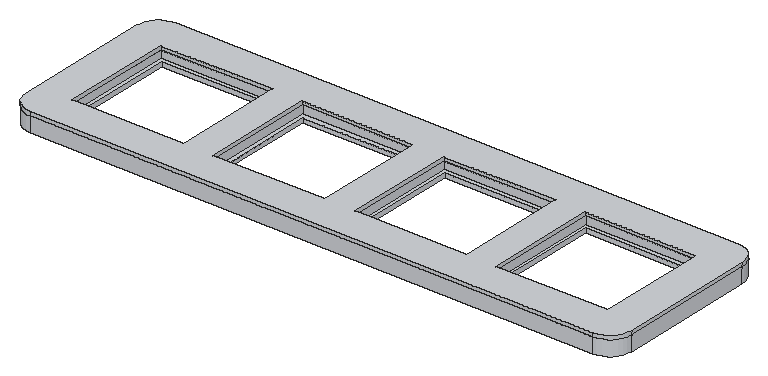
Revit family "Gira_0214416", category Electrical Fixtures, host Face, Revit 2017
Family settings
  Host = Face
  Maintain Annotation Orientation = No
  Round Connector Dimension = Use Diameter
  Part Type = Normal
  Cut with Voids When Loaded = No
  Shared = No
  Room Calculation Point = No
Parameters (values of type "Abdeckrahmen 4f Gira E3 Umbra/Reinweiß")
  Werkstoffgüte = "sonstige"
  Werkstoff = "sonstige"
  URL = "http://katalog.gira.de/de_DE/datenblatt.html?artikelnr=0214416"
  Transparent = "No"
  Textfeld/Beschriftungsfläche = "No"
  Schutzart (IP) = "IP20"
  Region = "DE"
  Oberfläche = "sonstige"
  Name = "Abdeckrahmen 4f Gira E3 Umbra/Reinweiß"
  Montagerichtung = "horizontal und vertikal"
  Mit Montagerahmen = "No"
  Mit Klappdeckel = "No"
  Manufacturer URL = "https://www.gira.de/"
  Keynote = "E3_Rahmen_4fach"
  HeinzeBIM = "https://bimportal.heinze.de/bim/abdeckrahmen-4f-gira-e3-umbra-reinweiss/4ff625016132d157e01a89298df116887792091d"
  Halogenfrei = "No"
  HAN = "0214416"
  Geeignet für Unterputz-Installation = "Yes"
  Geeignet für Unterflurkanaldose = "No"
  Geeignet für Geräteeinbaukanal = "No"
  Geeignet für Einbauinstallation = "No"
  GTIN = "4010337024422"
  Farbe = "sonstige"
  Default Elevation = 1219.2 mm
  Data sheet (1) = "https://katalog.gira.de/de_DE/download.html?artikelnr=0214416"
  Category = "Abdeckrahmen"
  Befestigungsart = "Klemmbefestigung"
  Available = "Yes"
  Anzahl der Einheiten vertikal = "4 "
  Anzahl der Einheiten horizontal = "4 "
  Anzahl der Einheiten = "4 "
Reference planes
  plane 1 "Center (Front/Back)": y = 0
  plane 2: z = 0
  plane 3 "Center (Left/Right)": x = 0
Forms (mm)
  Extrusion 1, solid, detail levels fine
    sketch origin (0, 0, 0) x (1, 0, 0) y (0, 1, 0)
      loop
        arc (-141.75, 45.809) -> (-149.535, 42.585) -> (-152.759, 34.8) r 11.009
        line (-152.759, 34.8) -> (-152.759, -34.8)
        arc (-152.759, -34.8) -> (-149.535, -42.585) -> (-141.75, -45.809) r 11.009
        line (-141.75, -45.809) -> (141.75, -45.809)
        arc (141.75, -45.809) -> (149.535, -42.585) -> (152.759, -34.8) r 11.009
        line (152.759, -34.8) -> (152.759, 34.8)
        arc (152.759, 34.8) -> (149.535, 42.585) -> (141.75, 45.809) r 11.009
        line (141.75, 45.809) -> (-141.75, 45.809)
      loop
        line (-78.85, 28.187) -> (-135.106, 28.187) -> (-135.106, -28.187) -> (-78.85, -28.187) -> (-78.85, 28.187)
      loop
        line (-63.95, 28.187) -> (-63.95, -28.187) -> (-7.695, -28.187) -> (-7.695, 28.187) -> (-63.95, 28.187)
      loop
        line (78.85, 28.187) -> (78.85, -28.187) -> (135.106, -28.187) -> (135.106, 28.187) -> (78.85, 28.187)
      loop
        line (63.95, 28.187) -> (7.695, 28.187) -> (7.695, -28.187) -> (63.95, -28.187) -> (63.95, 28.187)
    from 7.65 to 9.5
  Extrusion 2, solid, detail levels fine
    sketch origin (-107.15, 0, 0) x (1, 0, 0) y (0, 1, 0)
      loop
        line (26.1, 25.7) -> (-25.7, 25.7) -> (-25.7, -25.7) -> (26.1, -25.7) -> (26.1, 25.7)
      loop
        line (-28.187, -28.156) -> (28.187, -28.156) -> (28.187, 28.156) -> (-28.187, 28.156) -> (-28.187, -28.156)
    from 1.65 to 3.9
  Extrusion 3, solid, detail levels fine
    sketch origin (0, 0, 0) x (1, 0, 0) y (0, 1, 0)
      loop
        arc (-141.75, 45.809) -> (-149.535, 42.585) -> (-152.759, 34.8) r 11.009
        line (-152.759, 34.8) -> (-152.759, -34.8)
        arc (-152.759, -34.8) -> (-149.535, -42.585) -> (-141.75, -45.809) r 11.009
        line (-141.75, -45.809) -> (141.75, -45.809)
        arc (141.75, -45.809) -> (149.535, -42.585) -> (152.759, -34.8) r 11.009
        line (152.759, -34.8) -> (152.759, 34.8)
        arc (152.759, 34.8) -> (149.535, 42.585) -> (141.75, 45.809) r 11.009
        line (141.75, 45.809) -> (-141.75, 45.809)
      loop
        line (-150.793, 34.785) -> (-150.793, -34.785)
        arc (-150.793, -34.785) -> (-148.14, -41.19) -> (-141.735, -43.843) r 9.058
        line (-141.735, -43.843) -> (141.735, -43.843)
        arc (141.735, -43.843) -> (148.14, -41.19) -> (150.793, -34.785) r 9.058
        line (150.793, -34.785) -> (150.793, 34.785)
        arc (150.793, 34.785) -> (148.14, 41.19) -> (141.735, 43.843) r 9.058
        line (141.735, 43.843) -> (-141.735, 43.843)
        arc (-141.735, 43.843) -> (-148.14, 41.19) -> (-150.793, 34.785) r 9.058
    from 0 to 7.65
  Extrusion 4, solid, detail levels fine
    sketch origin (-35.75, 0, 0) x (1, 0, 0) y (0, 1, 0)
      loop
        line (-98.606, -31.075) -> (170.105, -31.075)
        arc (170.105, -31.075) -> (172.749, -29.98) -> (173.844, -27.337) r 3.739
        line (173.844, -27.337) -> (173.844, 27.337)
        arc (173.844, 27.337) -> (172.749, 29.98) -> (170.105, 31.075) r 3.739
        line (170.105, 31.075) -> (-98.606, 31.075)
        arc (-98.606, 31.075) -> (-101.249, 29.98) -> (-102.344, 27.337) r 3.739
        line (-102.344, 27.337) -> (-102.344, -27.337)
        arc (-102.344, -27.337) -> (-101.249, -29.98) -> (-98.606, -31.075) r 3.739
      loop
        line (-101.194, 27.537) -> (-101.194, -27.537)
        arc (-101.194, -27.537) -> (-100.495, -29.226) -> (-98.806, -29.925) r 2.389
        line (-98.806, -29.925) -> (170.305, -29.925)
        arc (170.305, -29.925) -> (171.994, -29.226) -> (172.694, -27.537) r 2.389
        line (172.694, -27.537) -> (172.694, 27.537)
        arc (172.694, 27.537) -> (171.994, 29.226) -> (170.305, 29.925) r 2.389
        line (170.305, 29.925) -> (-98.806, 29.925)
        arc (-98.806, 29.925) -> (-100.495, 29.226) -> (-101.194, 27.537) r 2.389
    from 1.65 to 7.65
  Extrusion 5, solid, detail levels fine
    sketch origin (0, 0, 0) x (1, 0, 0) y (0, 1, 0)
      loop
        line (-139.017, -39.8) -> (139.017, -39.8)
        arc (139.017, -39.8) -> (144.632, -36.708) -> (146.864, -30.7) r 9.2
        line (146.864, -30.7) -> (146.864, 30.7)
        arc (146.864, 30.7) -> (144.17, 37.205) -> (137.664, 39.9) r 9.2
        line (137.664, 39.9) -> (-137.664, 39.9)
        arc (-137.664, 39.9) -> (-144.17, 37.205) -> (-146.864, 30.7) r 9.2
        line (-146.864, 30.7) -> (-146.864, -30.7)
        arc (-146.864, -30.7) -> (-144.632, -36.708) -> (-139.017, -39.8) r 9.2
      loop
        line (-137.664, -31.7) -> (137.664, -31.7)
        arc (137.664, -31.7) -> (138.372, -31.407) -> (138.664, -30.7) r 1
        line (138.664, -30.7) -> (138.664, 30.7)
        arc (138.664, 30.7) -> (138.372, 31.407) -> (137.664, 31.7) r 1
        line (137.664, 31.7) -> (-137.664, 31.7)
        arc (-137.664, 31.7) -> (-138.372, 31.407) -> (-138.664, 30.7) r 1
        line (-138.664, 30.7) -> (-138.664, -30.7)
        arc (-138.664, -30.7) -> (-138.372, -31.407) -> (-137.664, -31.7) r 1
    from 1.65 to 3.9
  Extrusion 6, solid, detail levels fine
    sketch origin (-107.15, 0, 0) x (1, 0, 0) y (0, 1, 0)
      loop
        line (-28.187, 28.156) -> (-28.187, -28.156) -> (28.187, -28.156) -> (28.187, 28.156) -> (-28.187, 28.156)
      loop
        line (-29.925, 29.925) -> (-29.925, -29.925) -> (29.925, -29.925) -> (29.925, 29.925) -> (-29.925, 29.925)
    from 1.65 to 7.65
  Extrusion 7, solid, detail levels coarse+medium
    sketch origin (0, 0, 0) x (1, 0, 0) y (0, 1, 0)
      loop
        line (-152.759, 45.809) -> (-152.759, -45.809) -> (152.759, -45.809) -> (152.759, 45.809) -> (-152.759, 45.809)
    from 0 to 9.5
  Extrusion 8, solid, detail levels fine
    sketch origin (-35.65, 0, 0) x (-1, 0, 0) y (0, -1, 0)
      loop
        line (25.9, -25.7) -> (25.9, 25.7) -> (-25.9, 25.7) -> (-25.9, -25.7) -> (25.9, -25.7)
      loop
        line (-28.187, 28.156) -> (-28.187, -28.156) -> (28.187, -28.156) -> (28.187, 28.156) -> (-28.187, 28.156)
    from 1.65 to 3.9
  Extrusion 9, solid, detail levels fine
    sketch origin (-35.65, 0, 0) x (-1, 0, 0) y (0, -1, 0)
      loop
        line (-28.187, -28.156) -> (28.187, -28.156) -> (28.187, 28.156) -> (-28.187, 28.156) -> (-28.187, -28.156)
      loop
        line (-29.925, -29.925) -> (29.925, -29.925) -> (29.925, 29.925) -> (-29.925, 29.925) -> (-29.925, -29.925)
    from 1.65 to 7.65
  Extrusion 10, solid, detail levels fine
    sketch origin (35.85, 0, 0) x (-1, 0, 0) y (0, -1, 0)
      loop
        line (26.1, -25.7) -> (26.1, 25.7) -> (-25.7, 25.7) -> (-25.7, -25.7) -> (26.1, -25.7)
      loop
        line (-28.187, 28.156) -> (-28.187, -28.156) -> (28.187, -28.156) -> (28.187, 28.156) -> (-28.187, 28.156)
    from 1.65 to 3.9
  Extrusion 11, solid, detail levels fine
    sketch origin (35.85, 0, 0) x (-1, 0, 0) y (0, -1, 0)
      loop
        line (-28.187, -28.156) -> (28.187, -28.156) -> (28.187, 28.156) -> (-28.187, 28.156) -> (-28.187, -28.156)
      loop
        line (-29.925, -29.925) -> (29.925, -29.925) -> (29.925, 29.925) -> (-29.925, 29.925) -> (-29.925, -29.925)
    from 1.65 to 7.65
  Extrusion 12, solid, detail levels fine
    sketch origin (107.15, 0, 0) x (-1, 0, 0) y (0, -1, 0)
      loop
        line (26.1, -25.7) -> (26.1, 25.7) -> (-25.7, 25.7) -> (-25.7, -25.7) -> (26.1, -25.7)
      loop
        line (-28.187, 28.156) -> (-28.187, -28.156) -> (28.187, -28.156) -> (28.187, 28.156) -> (-28.187, 28.156)
    from 1.65 to 3.9
  Extrusion 13, solid, detail levels fine
    sketch origin (107.15, 0, 0) x (-1, 0, 0) y (0, -1, 0)
      loop
        line (-28.187, -28.156) -> (28.187, -28.156) -> (28.187, 28.156) -> (-28.187, 28.156) -> (-28.187, -28.156)
      loop
        line (-29.925, -29.925) -> (29.925, -29.925) -> (29.925, 29.925) -> (-29.925, 29.925) -> (-29.925, -29.925)
    from 1.65 to 7.65
Dimensions and locks
  aligned and locked: plane 2 to host face
  aligned and locked: level to host face
